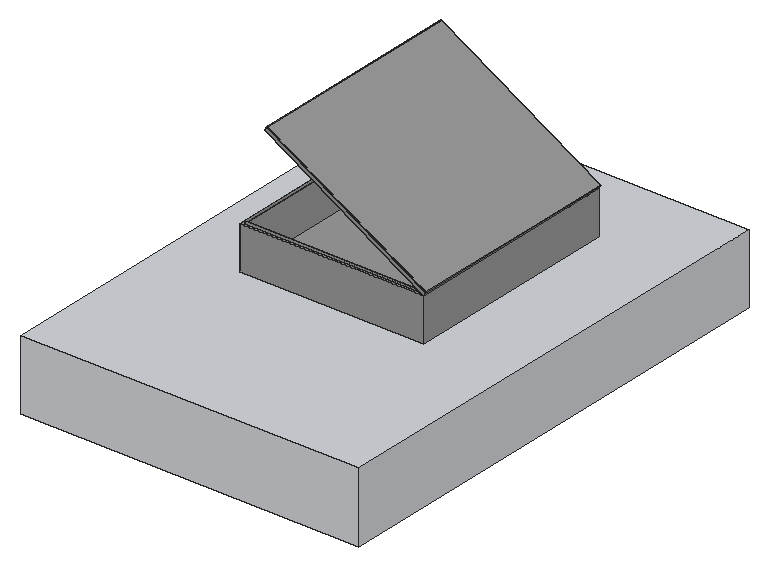
Revit family "Hager-Univers-IP54-D205-H950-Cl.II-Encl-PL-pl", category Equipement électrique, Revit 2020
Family settings
  Hôte = Face
  Configuration du panneau = Deux colonnes, circuits au sein
  Cote de connecteur circulaire = Utiliser le diamètre
  Type d'élément = Tableau de raccordement
  Couper avec des vides une fois chargée = Non
  Partagée = Non
  Point de calcul de pièce = Non
Parameters (values of type "Montaż natynkowy IP54 S800 W950 G205  - FP63SW2")
  Width Control [instance] = if([EF000008 - Szerokość] > Min Width, [EF000008 - Szerokość], Min Width)  # 800 mm
  Commentaires du type = [HG000003 - Zakres]  # "Univers"
  Thickness Door [instance] = if([EF009171 - Drzwi/pokrywa z materiału o wysokiej wytrzymałości mechanicznej] > 3 mm, 3 mm, [EF009171 - Drzwi/pokrywa z materiału o wysokiej wytrzymałości mechanicznej])  # 1 mm
  Seal Frame Offset [instance] = 17 mm  # constant formula
  Plinth Visibility [instance] = [HG000027 - Wysokość cokołu] > 0 mm  # no
  Model = ""
  Min Width [instance] = 100 mm  # constant formula
  Min Height [instance] = 100 mm  # constant formula
  Min Depth [instance] = (2 * [EF009170 - Obudowa z materiału o wysokiej wytrzymałości mechanicznej]) + 1 mm  # 3 mm
  Internal Frame Depth [instance] = (Door System Depth * 0.5)  # 9 mm
  Height Control [instance] = if([EF000040 - Wysokość] > Min Height, [EF000040 - Wysokość], Min Height)  # 950 mm
  HG000027 - Wysokość cokołu = 0 mm
  HG000026 - Stojąca = no
  HG000024 - Wysokość części dolnej = 800 mm
  HG000023 - Obudowa dwusekcyjna = no
  HG000016 - Widoczność drzwi w widoku 3D [instance] = yes
  HG000015 - Przestrzeń robocza - otwarcie drzwi [instance] = no
  HG000014 - Drzwi prawe [instance] = yes
  HG000013 - Drzwi lewe [instance] = not([HG000014 - Drzwi prawe])  # no
  HG000012 - Kąt otwarcia drzwi [instance] = 30.00°
  HG000010 - Drzwi asymetryczne = no
  HG000009 - Drzwi dwuskrzydłowe = no
  HG000006 - Montaż podtynkowy = no
  HG000004 - Referencja producenta = "FP63SW2"
  HG000003 - Zakres = "Univers"
  HG000002 - Z drzwiami lub pokrywą = yes
  Frame Offset Bottom [instance] = 10 mm  # constant formula
  Frame Offset [instance] = 15 mm  # constant formula
  EF015940 - Pokrywa z wyzwalaczem nadciśnieniowym = no
  EF011959 - Stopień ochrony (NEMA) = ""
  EF009554 - Liczba otworów pod flansze = 6
  Fabricant = "Hager"  # constant formula
  EF009212 - Wykonanie pokrywy = "EV000116 - Zamknięty"
  EF009171 - Drzwi/pokrywa z materiału o wysokiej wytrzymałości mechanicznej = 1 mm
  EF009170 - Obudowa z materiału o wysokiej wytrzymałości mechanicznej = 1 mm
  EF008873 - Prąd znamionowy (In) = 250 A
  EF007800 - Do ochrony odgromowej = no
  EF006306 - Z zamkiem = no
  EF006244 - Transparentna pokrywa/drzwi = no
  EF005474 - Stopień ochrony (IP) = "EV006419 - IP54"
  EF004464 - Rodzaj drzwi = "EV002646 - Pojedynczy"
  EF004427 - Liczba modułów = 216
  EF004293 - Odporność udarowa = "EV006815 - IK09"
  EF003532 - Do zastosowań zewnętrznych = no
  EF002950 - Szerokość wyrażona liczbą modułów = 36
  EF001613 - Podtrzymanie funkcji = "EV000494 - Brak"
  EF001596 - Materiał obudowy = "EV000179 - Stal"
  EF001131 - Głębokość wewnętrzna = 130 mm
  EF001088 - Możliwość rozbudowy = yes
  EF000437 - Liczba wejść kablowych = 6
  EF000339 - Rodzaj pokrywy = "EV004216 - Drzwi"
  EF000266 - Liczba rzędów = 6
  EF000218 - Głębokość wbudowania = 205 mm
  EF000118 - Z płytą montażową = no
  EF000116 - Numer RAL = "9010"
  EF000049 - Głębokość = 205 mm
  EF000040 - Wysokość = 950 mm
  EF000008 - Szerokość = 800 mm
  EF000007 - Kolor = "EV000202 - Biały"
  EF000003 - Sposób montażu = "EV000384 - Montaż natynkowy"
  Door System Leaf Tolerance [instance] = 1.5 mm  # constant formula
  Door System Depth [instance] = 18 mm  # constant formula
  Door Height [instance] = Height Control - [HG000027 - Wysokość cokołu]  # 950 mm
  Depth Control [instance] = if([EF000049 - Głębokość] > Min Depth, [EF000049 - Głębokość], Min Depth)  # 205 mm
  Default Elevation = 0 mm
  Connector Offset [instance] = Height Control / 2  # 475 mm
  Bottom Top Plate Trim [instance] = 1.5 mm  # constant formula
  Plinth height Ctrl [instance] = if([HG000027 - Wysokość cokołu] > 0 mm, [HG000027 - Wysokość cokołu], 12 mm)  # 12 mm
Types (5, lengths in mm): name | Width Control | HG000010 - Drzwi asymetryczne | HG000009 - Drzwi dwuskrzydłowe | HG000004 - Referencja producenta | EF009554 - Liczba otworów pod flansze | EF004464 - Rodzaj drzwi | EF004427 - Liczba modułów | EF002950 - Szerokość wyrażona liczbą modułów | EF000437 - Liczba wejść kablowych | EF000008 - Szerokość
  Montaż natynkowy IP54 S1050 W950 G205  - FP64SW2 | 1050 | no | yes | "FP64SW2" | 8 | "EV003602 - Podwójny" | 288 | 48 | 8 | 1050
  Montaż natynkowy IP54 S1300 W950 G205  - FP65SW2 | 1300 | yes | yes | "FP65SW2" | 10 | "EV003602 - Podwójny" | 360 | 60 | 10 | 1300
  Montaż natynkowy IP54 S300 W950 G205  - FP61SW2 | 300 | no | no | "FP61SW2" | 2 | "EV002646 - Pojedynczy" | 72 | 12 | 2 | 300
  Montaż natynkowy IP54 S550 W950 G205  - FP62SW2 | 550 | no | no | "FP62SW2" | 4 | "EV002646 - Pojedynczy" | 144 | 24 | 4 | 550
  Montaż natynkowy IP54 S800 W950 G205  - FP63SW2 | 800 | no | no | "FP63SW2" | 6 | "EV002646 - Pojedynczy" | 216 | 36 | 6 | 800
Reference planes
  plane 1 "Center (Front/Back)": y = 0
  plane 2: z = 0
  plane 3 "Center (Left/Right)": x = 0
  plane 4: z = 205
  plane 5: y = 1
  plane 6: y = 475
  plane 7: y = 0
  plane 8: y = 950
  plane 9: z = 0
  plane 10: x = -385
  plane 11: x = 385
  plane 12: x = 384
  plane 13: x = -384
  plane 14: y = 949
  plane 15: x = -383
  plane 16: x = -400
  plane 17: x = 383
  plane 18: x = 400
  plane 19: x = 399
  plane 20: x = -399
  plane 21: y = 11
  plane 22: y = 950
  plane 23: y = 934
  plane 24: z = 187
  plane 25: z = 1
  plane 26: z = 186
  plane 27: z = 204
Forms (mm)
  Extrusion 1, solid
    sketch origin (0, 0, 0) x (1, 0, 0) y (0, 1, 0)
      loop
        line (-702.964, 1305) -> (-702.964, -811.445) -> (766.763, -811.445) -> (766.763, 1305) -> (-702.964, 1305)
    from 0 to -304.8
  Extrusion 2, solid, material "Hager_Steel_RAL7035_Light_Grey", visible <- "Plinth Visibility", detail levels medium+fine
    sketch origin (0, 0, 0) x (1, 0, 0) y (0, 1, 0)
      loop
        line (-400, 0) -> (400, 0) -> (400, 12) -> (-400, 12) -> (-400, 0)
    from 0 to 187
  Extrusion 3, solid, material "Hager_Steel_RAL7035_Light_Grey", detail levels medium+fine
    sketch origin (0, 0, 0) x (1, 0, 0) y (0, 1, 0)
      loop
        line (-400, 0) -> (400, 0) -> (400, 950) -> (-400, 950) -> (-400, 0)
    from 0 to 187
  Extrusion 4, void
    sketch origin (0, 0, 0) x (1, 0, 0) y (0, 1, 0)
      loop
        line (-399, 1) -> (399, 1) -> (399, 949) -> (-399, 949) -> (-399, 1)
    from 1 to 186
  Extrusion 5, void
    sketch origin (-381.607, -4572, 187) x (0, -1, 0) y (-1, 0, 0)
      loop
        line (-4583, 2.393) -> (-5506, 2.393) -> (-5506, -765.607) -> (-4583, -765.607) -> (-4583, 2.393)
    from 0 to 1 <- "EF009170 - Obudowa z materiału o wysokiej wytrzymałości mechanicznej"
  Extrusion 6, solid, material "Hager_Steel_RAL7035_Light_Grey", detail levels fine
    sketch origin (0, 0, 187) x (1, 0, 0) y (0, 1, 0)
      loop
        line (-384, 934) -> (-384, 11) -> (384, 11) -> (384, 934) -> (-384, 934)
      loop
        line (-385, 10) -> (385, 10) -> (385, 935) -> (-385, 935) -> (-385, 10)
    from 0 to 9 <- "Internal Frame Depth"
  Extrusion 7, solid, material "Hager_Steel_RAL7035_Light_Grey", detail levels coarse
    sketch origin (0, 0, 0) x (1, 0, 0) y (0, 1, 0)
      loop
        line (-400, 0) -> (400, 0) -> (400, 950) -> (-400, 950) -> (-400, 0)
    from 0 to 205
  Sweep 8, void
    path in 3D
      loop
        line (-400, 12, 0) -> (400, 12, 0) -> (400, 12, 187) -> (-400, 12, 187) -> (-400, 12, 0)
    profile origin (-400, 12, 93.5) x (-1, 0, 0) y (0, -1, 0)
      loop
        line (0, 0) -> (0, 1.5) -> (-1.5, 1.5)
        arc (-1.5, 1.5) -> (-1.061, 0.439) -> (0, 0) r 1.5
Cuts and joins
  Extrusion 4, Extrusion 5 cuts Extrusion 3
  Sweep 8 cuts Extrusion 2
Lines and regions (mm)
  Masking region 1
    outline origin (0, 0, 0) x (1, 0, 0) y (0, 0, 1)
      loop
        line (-400, 205) -> (-400, 0) -> (400, 0) -> (400, 205) -> (-400, 205)
  Masking region 2, detail levels medium+fine
    outline origin (0, 140, 0) x (0, 1, 0) y (0, 0, 1)
      loop
        line (-140, 0) -> (810, 0) -> (810, 187) -> (-140, 187) -> (-140, 0)
  Masking region 3, not visible, detail levels medium+fine
    outline origin (0, 297.922, 0) x (0, 1, 0) y (0, 0, 1)
      loop
        line (188.578, 0) -> (228.578, 0) -> (228.578, 194)
        arc (228.578, 194) -> (225.649, 201.071) -> (218.578, 204) r 10
        line (218.578, 204) -> (188.578, 204) -> (188.578, 0)
  Masking region 4, detail levels coarse
    outline origin (0, 0, 180) x (0, 1, 0) y (0, 0, 1)
      loop
        line (0, -180) -> (950, -180) -> (950, 25) -> (0, 25) -> (0, -180)
  Masking region 5, visible <- "Plinth Visibility", detail levels medium+fine
    outline origin (0, 52.24, 12.345) x (0, 0, -1) y (0, 1, 0)
      loop
        line (10.845, -40.24) -> (-173.155, -40.24)
        arc (-173.155, -40.24) -> (-173.594, -41.301) -> (-174.655, -41.74) r 1.5
        line (-174.655, -41.74) -> (-174.655, -52.24) -> (12.345, -52.24) -> (12.345, -41.74)
        arc (12.345, -41.74) -> (11.285, -41.301) -> (10.845, -40.24) r 1.5
  Masking region 6, detail levels medium+fine
    outline origin (-381.607, -4572, 187) x (-1, 0, 0) y (0, -1, 0)
      loop
        line (18.393, -5522) -> (18.393, -4572) -> (-781.607, -4572) -> (-781.607, -5522) -> (18.393, -5522)
  Masking region 7, visible <- "Plinth Visibility", detail levels medium+fine
    outline origin (-381.607, -4727, 187) x (-1, 0, 0) y (0, -1, 0)
      loop
        arc (16.893, -4739) -> (17.332, -4737.939) -> (18.393, -4737.5) r 1.5
        line (18.393, -4737.5) -> (18.393, -4727) -> (-781.607, -4727) -> (-781.607, -4737.5)
        arc (-781.607, -4737.5) -> (-780.546, -4737.939) -> (-780.107, -4739) r 1.5
        line (-780.107, -4739) -> (16.893, -4739)
  Masking region 8, detail levels coarse
    outline origin (-442.548, -4669.526, 187) x (-1, 0, 0) y (0, -1, 0)
      loop
        line (-42.548, -5619.526) -> (-42.548, -4669.526) -> (-842.548, -4669.526) -> (-842.548, -5619.526) -> (-42.548, -5619.526)
  sketch lines
    curve 1: line (-400, 12, 187) -> (-400, 12, 0)
    curve 2: line (400, 12, 187) -> (-400, 12, 187)
    curve 3: line (400, 12, 187) -> (400, 12, 0)
    curve 4: line (-400, 12, 0) -> (400, 12, 0)
Dimensions and locks
  "Depth Control": plane 4 to Extrusion 1
  "HG000027 - Wysokość cokołu": plane 1 "Center (Front/Back)" to plane 7
  "EF009170 - Obudowa z materiału o wysokiej wytrzymałości mechanicznej": plane 5 to plane 7
  locked: connector elem to plane 3 "Center (Left/Right)"
  equal spacing: plane 8, plane 6, plane 7
  locked: connector elem to plane 6
  "EF009170 - Obudowa z materiału o wysokiej wytrzymałości mechanicznej": plane 8 to plane 14
  "EF009170 - Obudowa z materiału o wysokiej wytrzymałości mechanicznej": plane 10 to plane 13
  "EF009170 - Obudowa z materiału o wysokiej wytrzymałości mechanicznej": plane 12 to plane 11
  "Frame Offset": plane 20 to plane 13
  "Frame Offset": plane 12 to plane 19
  "EF009170 - Obudowa z materiału o wysokiej wytrzymałości mechanicznej": plane 16 to plane 20
  "EF009170 - Obudowa z materiału o wysokiej wytrzymałości mechanicznej": plane 19 to plane 18
  "Seal Frame Offset": plane 16 to plane 15
  "Seal Frame Offset": plane 17 to plane 18
  "Frame Offset Bottom": plane 21 to plane 5
  "Frame Offset": plane 14 to plane 23
  equal spacing: plane 16, plane 3 "Center (Left/Right)", plane 18
  "Width Control": plane 16 to plane 18
  "EF009170 - Obudowa z materiału o wysokiej wytrzymałości mechanicznej": plane 4 to plane 27
  "EF009170 - Obudowa z materiału o wysokiej wytrzymałości mechanicznej": plane 24 to plane 26
  "EF009170 - Obudowa z materiału o wysokiej wytrzymałości mechanicznej": plane 25 to level
  "Door System Depth": plane 4 to plane 24
  "Height Control": plane 1 "Center (Front/Back)" to Extrusion 7 sketch curve
  "Height Control": Masking region 4 sketch curve to plane 1 "Center (Front/Back)"
  "Height Control": plane 1 "Center (Front/Back)" to plane 22
  "Bottom Top Plate Trim": profile plane to Sweep 8 sketch curve
  "Bottom Top Plate Trim": Sweep 8 sketch curve to profile plane
  "Plinth height Ctrl": plane 1 "Center (Front/Back)" to Extrusion 2 sketch curve
  "Plinth height Ctrl": Masking region 5 sketch curve to plane 1 "Center (Front/Back)"
  "Plinth height Ctrl": plane 1 "Center (Front/Back)" to Masking region 7 sketch curve
  "Thickness Door": Extrusion 6 sketch curve to Extrusion 6 sketch curve  (x3)
  "Thickness Door": cut or joined group of Extrusion 3, Extrusion 4, Extrusion 5 to Extrusion 6 sketch curve
  radius of Masking region 3 sketch curve = 10 mm
  "Bottom Top Plate Trim": radius of Masking region 5 sketch curve  (x2)
  "Bottom Top Plate Trim": radius of Sweep 8 sketch curve
  "Bottom Top Plate Trim": radius of Masking region 7 sketch curve  (x2)
  aligned and locked: plane 2 to Extrusion 1
  aligned and locked: level to Extrusion 1
  aligned and locked: level to Masking region 1 sketch curve
  aligned and locked: Masking region 1 sketch curve to plane 18
  aligned and locked: Masking region 1 sketch curve to plane 16
  aligned and locked: plane 7 to Masking region 2 sketch curve
  aligned and locked: level to Masking region 3 sketch curve
  aligned and locked: Masking region 3 sketch curve to plane 27
  aligned and locked: level to Masking region 2 sketch curve
  aligned and locked: plane 1 "Center (Front/Back)" to Extrusion 2 sketch curve
  aligned and locked: Extrusion 3 sketch curve to plane 7
  aligned and locked: plane 16 to Extrusion 3 sketch curve
  aligned and locked: plane 18 to Extrusion 3 sketch curve
  aligned and locked: plane 20 to Extrusion 4 sketch curve
  aligned and locked: plane 19 to Extrusion 4 sketch curve
  aligned and locked: Extrusion 4 sketch curve to plane 5
  aligned and locked: Extrusion 4 to plane 25
  aligned and locked: plane 26 to Extrusion 4
  aligned and locked: plane 24 to Extrusion 3
  aligned and locked: Extrusion 5 sketch curve to plane 21
  aligned and locked: Extrusion 5 sketch curve to plane 13
  aligned and locked: Extrusion 5 sketch curve to plane 12
  aligned and locked: plane 18 to Extrusion 7 sketch curve
  aligned and locked: plane 1 "Center (Front/Back)" to Extrusion 7 sketch curve
  aligned and locked: plane 16 to Extrusion 7 sketch curve
  aligned and locked: plane 4 to Extrusion 7
  aligned and locked: Extrusion 7 to level
  aligned and locked: level to Masking region 4 sketch curve
  aligned and locked: Masking region 4 sketch curve to plane 1 "Center (Front/Back)"
  aligned and locked: Masking region 4 sketch curve to plane 4
  aligned and locked: nested 1 to level
  aligned and locked: nested 1 to plane 16
  aligned and locked: plane 8 to Extrusion 3 sketch curve
  aligned and locked: plane 23 to Extrusion 5 sketch curve
  aligned and locked: plane 14 to Extrusion 4 sketch curve
  aligned and locked: Masking region 2 sketch curve to plane 8
  aligned and locked: level to Masking region 5 sketch curve
  aligned and locked: plane 16 to Extrusion 2 sketch curve
  aligned and locked: plane 18 to Extrusion 2 sketch curve
  aligned and locked: Masking region 5 sketch curve to plane 24
  aligned and locked: Masking region 2 sketch curve to plane 24
  aligned and locked: plane 24 to Extrusion 2
  aligned and locked: profile plane to Sweep 8 sketch curve  (x2)
  aligned and locked: Masking region 6 sketch curve to plane 18
  aligned and locked: Masking region 6 sketch curve to plane 22
  aligned and locked: Masking region 6 sketch curve to plane 16
  aligned and locked: plane 8 to plane 22
  aligned and locked: Masking region 6 sketch curve to plane 7
  aligned and locked: Masking region 7 sketch curve to plane 16
  aligned and locked: Masking region 7 sketch curve to plane 1 "Center (Front/Back)"
  aligned and locked: Masking region 7 sketch curve to plane 18
  aligned and locked: Masking region 8 sketch curve to plane 1 "Center (Front/Back)"
  aligned and locked: Masking region 8 sketch curve to plane 18
  aligned and locked: Masking region 8 sketch curve to plane 22
  aligned and locked: Masking region 8 sketch curve to plane 16
  aligned and locked: nested 2 to plane 7
  aligned and locked: plane 3 "Center (Left/Right)" to nested 2
  aligned and locked: nested 2 to plane 24
  aligned and locked: Extrusion 6 sketch curve to cut or joined group of Extrusion 3, Extrusion 4, Extrusion 5  (x4)
Automatic sketch dimensions
  Extrusion 1 sketch curve to Extrusion 1 sketch curve = 1469.727 mm
  Extrusion 1 sketch curve to Extrusion 1 sketch curve = 2116.445 mm
  Masking region 1 sketch curve to plane 4 = 0 mm
  plane 6 to Masking region 3 sketch curve = 11.5 mm
  Masking region 3 sketch curve to Masking region 3 sketch curve = 30 mm
  Masking region 5 sketch curve to plane 1 "Center (Front/Back)" = 0 mm
Nested families
  nested 1: "Hager_Enclosure_Symbol" at (-400, 0, 0) x (1, 0, 0) z (0, -1, 0), Height <- "Depth Control", Width <- "Width Control", type "Hager_Enclosure_Symbol"
    with Width_Ctrl 800 mm, Width 800 mm, Height_Ctrl 205 mm, Height 205 mm, A_Width_Int 13.453 mm, A_Width 161.438 mm, A_Height_Ctrl 179.375 mm, A_Height 179.375 mm
  nested 2: "EC000058_Univers_Door" at (0, 0, 187) x (1, 0, 0) z (0, 1, 0), Leaf_Tolerance <- "Door System Leaf Tolerance", Angle <- "HG000012 - Kąt otwarcia drzwi", Door_Depth <- "Door System Depth", Door_Left <- "HG000013 - Drzwi lewe", Transparent <- "EF006244 - Transparentna pokrywa/drzwi", Assymetrical <- "HG000010 - Drzwi asymetryczne", Width <- "Width Control", Clearance <- "HG000015 - Przestrzeń robocza - otwarcie drzwi", Double <- "HG000009 - Drzwi dwuskrzydłowe", 3d_Door <- "HG000016 - Widoczność drzwi w widoku 3D", Lock_Visibility <- "EF006306 - Z zamkiem", Width_Ctrl <- "Width Control", Door_Right <- "HG000014 - Drzwi prawe", Door <- "HG000002 - Z drzwiami lub pokrywą", Height <- "Door Height", Thickness <- "Thickness Door", type "EC000058_Univers_Door", detail levels medium+fine
    with min_wh 3 mm, Width_Ctrl 800 mm, Width 800 mm, Transparent no, Thickness 1 mm, Seal_Material Hager_Rubber, Lock_Visibility no, Lock_Material Hager_Plastic_RAL9005_Jet_Black, Leaf_Width 800 mm, Leaf_Tolerance_External_Sides 0 mm, Leaf_Tolerance 1.5 mm, Leaf_Offset 0 mm, Leaf_Height 947 mm, Leaf_2_Width 800 mm, Leaf_2_Offset 400 mm, Leaf_1_Width 800 mm, Leaf_1_Offset 400 mm, Height_Ctrl 950 mm, Height 950 mm, Glass_Material Hager_Glass, Double_Clearance_Ctrl no, Double no, Door_Right_Ctrl yes, Door_Right yes, Door_Material Hager_Steel_RAL7035_Light_Grey, Door_Left_Ctrl no, Door_Left no, Door_Depth 18 mm, Door yes, Clearance_Material Hager_Clearance, Clearance_Depth 800 mm, Clearance_Ctrl no, Clearance no, Assymetrical no, Angle 30.00°, 3d_Door yes
Connectors
  electrical at (0, 475, 0)
    settings: on plane 9, index 1, voltage 0 V, apparent load 0 VA, apparent load phase1 0 VA, apparent load phase2 0 VA, apparent load phase3 0 VA, power factor 1, load classification "Other", number of poles 1, system type 30, power factor state 1, is connector primary yes, connector utility no, sub classification motor no, connector description ""
Definition of nested family "EC000058_Univers_Door"
  Parameters (values of type "EC000058_Univers_Door")
    min_wh [instance] = (2 * Thickness) + 1 mm  # 11 mm
    Width_Ctrl [instance] = 400 mm
    Width [instance] = 500 mm
    Transparent [instance] = yes
    Thickness [instance] = 5 mm
    Seal_Material [instance] = none
    Lock_Visibility [instance] = yes
    Lock_Material [instance] = none
    Leaf_Width [instance] = if((Width_Ctrl - 2 * Leaf_Tolerance_External_Sides) > 0 mm, (Width_Ctrl - 2 * Leaf_Tolerance_External_Sides), min_wh)  # 400 mm
    Leaf_Tolerance_External_Sides [instance] = 0 mm  # constant formula
    Leaf_Tolerance [instance] = 1.5 mm
    Leaf_Offset [instance] = 0 mm  # constant formula
    Leaf_Height [instance] = if((Height_Ctrl - 2 * Leaf_Tolerance) > 0 mm, (Height_Ctrl - 2 * Leaf_Tolerance), min_wh)  # 497 mm
    Leaf_2_Width [instance] = if(and(and(Double, Assymetrical), Door_Left), (Leaf_Width / 3) - (Leaf_Tolerance / 2), if(and(and(Double, Assymetrical), Door_Right), (Leaf_Width / 3) * 2 - (Leaf_Tolerance / 2), if(and(Double, not(Assymetrical)), (Leaf_Width / 2) - Leaf_Tolerance, Leaf_Width)))  # 400 mm
    Leaf_2_Offset [instance] = if(and(Double, Assymetrical), Leaf_2_Width / 2, if(and(Double, not(Assymetrical)), Leaf_Width / 4, Leaf_Width / 2))  # 200 mm
    Leaf_1_Width [instance] = if(and(and(Double, Assymetrical), Door_Right), (Leaf_Width / 3) - (Leaf_Tolerance / 2), if(and(and(Double, Assymetrical), Door_Left), (Width / 3) * 2 - (Leaf_Tolerance / 2), if(and(Double, not(Assymetrical)), (Leaf_Width / 2) - Leaf_Tolerance, Leaf_Width)))  # 400 mm
    Leaf_1_Offset [instance] = if(and(Double, Assymetrical), Leaf_1_Width / 2, if(and(Double, not(Assymetrical)), Leaf_Width / 4, Leaf_Width / 2))  # 200 mm
    Height_Ctrl [instance] = if(Height > min_wh, Height, min_wh)  # 500 mm
    Height [instance] = 500 mm
    Glass_Material [instance] = none
    Double_Clearance_Ctrl [instance] = and(Double, Clearance)  # no
    Double [instance] = no
    Door_Right_Ctrl [instance] = and(or(Door_Right, Double), Door)  # yes
    Door_Right [instance] = yes
    Door_Material [instance] = none
    Door_Left_Ctrl [instance] = and(or(Door_Left, Double), Door)  # no
    Door_Left [instance] = no
    Door_Depth [instance] = 30 mm
    Door [instance] = yes
    Default Elevation = 1219.2 mm
    Clearance_Material [instance] = none
    Clearance_Depth [instance] = if(Leaf_1_Width > Leaf_2_Width, Leaf_1_Width, Leaf_2_Width)  # 400 mm
    Clearance_Ctrl [instance] = and(not(Double), Clearance)  # yes
    Clearance [instance] = yes
    Assymetrical [instance] = yes
    Angle [instance] = 30.00°
    3d_Door [instance] = yes
  Reference planes
    plane 1 "Center (Front/Back)": y = 0
    plane 2 "Bottom": z = 0
    plane 3 "Center (Left/Right)": x = 0
    plane 4: z = 500
    plane 5: x = -200
    plane 6: x = 200
    plane 7: z = 500
    plane 8: x = -200
    plane 9: z = 0
    plane 10: x = 200
    plane 11: y = 0
    plane 12: z = 1.5
    plane 13: x = -600
    plane 14: y = -400
    plane 15: x = 600
    plane 16: x = 0
    plane 17: x = 0
    plane 18: x = -200
    plane 19: x = 200
    plane 20: z = 498.5
  Forms (mm)
    Extrusion 1, solid, material <- "Clearance_Material", visible <- "Double_Clearance_Ctrl"
      sketch origin (1200, 0, 0) x (1, 0, 0) y (0, 0, -1)
        loop
          line (-1800, -498.5) -> (-600, -498.5) -> (-600, 0) -> (-1800, 0) -> (-1800, -498.5)
      from 0 to -400
  Dimensions and locks
    equal spacing: plane 5, plane 3 "Center (Left/Right)", plane 6
    "Width_Ctrl": plane 5 to plane 6
    "Leaf_Offset": plane 5 to plane 8
    "Leaf_Offset": plane 6 to plane 10
    "Leaf_Offset": plane 9 to level
    "Leaf_Offset": plane 4 to plane 7
    "Height_Ctrl": plane 4 to level
    "Leaf_Tolerance": plane 12 to plane 9
    locked: plane 11 to plane 1 "Center (Front/Back)"
    "Leaf_1_Offset": plane 18 to plane 16
    "Leaf_2_Offset": plane 17 to plane 19
    "Leaf_1_Width": plane 13 to plane 8
    "Leaf_2_Width": plane 10 to plane 15
    "Clearance_Depth": plane 14 to plane 1 "Center (Front/Back)"
    "Leaf_Tolerance_External_Sides": plane 8 to plane 18
    "Leaf_Tolerance_External_Sides": plane 19 to plane 10
    "Leaf_Tolerance": plane 7 to plane 20
    aligned and locked: level to plane 2 "Bottom"
    aligned and locked: nested 1 to plane 16
    aligned and locked: nested 2 to plane 17
    aligned and locked: Extrusion 1 to plane 13
    aligned and locked: plane 15 to Extrusion 1
    aligned and locked: Extrusion 1 to plane 14
    aligned and locked: plane 12 to nested 1
    aligned and locked: nested 2 to plane 12
    aligned and locked: Extrusion 1 to plane 11
    aligned and locked: plane 20 to Extrusion 1
    aligned and locked: nested 2 to plane 11
    aligned and locked: nested 1 to plane 11
  Automatic sketch dimensions
    Extrusion 1 sketch curve to level = 0 mm
    plane 5 to Extrusion 1 sketch curve = 400 mm
    plane 6 to Extrusion 1 sketch curve = 400 mm
    Extrusion 1 sketch curve to plane 4 = 1.5 mm
  Nested families
    nested 1: "EC000058_Univers_Door_Leaf" at (0, 0, 1.5), Width <- "Leaf_1_Width", visible <- "Door_Left_Ctrl", Leaf_Height <- "Leaf_Height", Angle <- "Angle", 3d_Door <- "3d_Door", Transparent <- "Transparent", Clearance Material <- "Clearance_Material", Clearance <- "Clearance_Ctrl", Door_Material <- "Door_Material", Glass_Material <- "Glass_Material", Door_Depth <- "Door_Depth", Lock_Material <- "Lock_Material", Seal_Material <- "Seal_Material", Lock_Visibility <- "Lock_Visibility", Thickness <- "Thickness", type "EC000058_Univers_Door_Leaf"
      with Width 400 mm, Transparent_Glass_Offset 30 mm, Transparent_Ctrl yes, Transparent yes, Thickness 5 mm, Standard no, Seal_Material none, Seal_D2 8 mm, Seal_D1 1 mm, Offset_Internal_Frame 10 mm, Lock_Width 20 mm, Lock_Visibility_3d yes, Lock_Visibility yes, Lock_Thickness_3 3 mm, Lock_Thickness_2 1 mm, Lock_Thickness_1 3 mm, Lock_Radius_Offset_2 16 mm, Lock_Radius_Offset_1 15 mm, Lock_Radius_2 5 mm, Lock_Radius 6 mm, Lock_Offset 5 mm, Lock_Material none, Lock_Height 80 mm, Lock_Cover_Top_Offset_2d 17 mm, Lock_Cover_Height -65 mm, Leaf_Height 497 mm, Internal_Seal_Thickness 8 mm, Internal_Seal_Depth_2 4.5 mm, Internal_Frame_Depth 25 mm, Glass_Thickness -1 mm, Glass_Offset -2 mm, Glass_Material none, Door_Material none, Door_Depth 30 mm, Clearance Material none, Clearance yes, Angle_Ctrl 30.00°, Angle 30.00°, 3d_Door yes
    nested 2: "EC000058_Univers_Door_Leaf" at (0, 0, 1.5) x (-1, 0, 0) z (0, 0, 1), Width <- "Leaf_2_Width", visible <- "Door_Right_Ctrl", Leaf_Height <- "Leaf_Height", Angle <- "Angle", 3d_Door <- "3d_Door", Transparent <- "Transparent", Clearance Material <- "Clearance_Material", Clearance <- "Clearance_Ctrl", Door_Material <- "Door_Material", Glass_Material <- "Glass_Material", Door_Depth <- "Door_Depth", Lock_Material <- "Lock_Material", Seal_Material <- "Seal_Material", Lock_Visibility <- "Lock_Visibility", Thickness <- "Thickness", type "EC000058_Univers_Door_Leaf"
      with Width 400 mm, Transparent_Glass_Offset 30 mm, Transparent_Ctrl yes, Transparent yes, Thickness 5 mm, Standard no, Seal_Material none, Seal_D2 8 mm, Seal_D1 1 mm, Offset_Internal_Frame 10 mm, Lock_Width 20 mm, Lock_Visibility_3d yes, Lock_Visibility yes, Lock_Thickness_3 3 mm, Lock_Thickness_2 1 mm, Lock_Thickness_1 3 mm, Lock_Radius_Offset_2 16 mm, Lock_Radius_Offset_1 15 mm, Lock_Radius_2 5 mm, Lock_Radius 6 mm, Lock_Offset 5 mm, Lock_Material none, Lock_Height 80 mm, Lock_Cover_Top_Offset_2d 17 mm, Lock_Cover_Height -65 mm, Leaf_Height 497 mm, Internal_Seal_Thickness 8 mm, Internal_Seal_Depth_2 4.5 mm, Internal_Frame_Depth 25 mm, Glass_Thickness -1 mm, Glass_Offset -2 mm, Glass_Material none, Door_Material none, Door_Depth 30 mm, Clearance Material none, Clearance yes, Angle_Ctrl 30.00°, Angle 30.00°, 3d_Door yes
  Definition of nested family "EC000058_Univers_Door_Leaf"
    Parameters (values of type "EC000058_Univers_Door_Leaf")
      Width [instance] = 2000 mm
      Transparent_Glass_Offset [instance] = 30 mm
      Transparent_Ctrl [instance] = and(Transparent, [3d_Door])  # yes
      Transparent [instance] = yes
      Thickness [instance] = 5 mm
      Standard [instance] = and(not(Transparent), [3d_Door])  # no
      Seal_Material [instance] = none
      Seal_D2 [instance] = 8 mm  # constant formula
      Seal_D1 [instance] = 1 mm  # constant formula
      Offset_Internal_Frame [instance] = 10 mm  # constant formula
      Lock_Width [instance] = 20 mm  # constant formula
      Lock_Visibility_3d [instance] = and(Lock_Visibility, [3d_Door])  # yes
      Lock_Visibility [instance] = yes
      Lock_Thickness_3 [instance] = 3 mm  # constant formula
      Lock_Thickness_2 [instance] = 1 mm  # constant formula
      Lock_Thickness_1 [instance] = 3 mm  # constant formula
      Lock_Radius_Offset_2 [instance] = Lock_Radius_Offset_1 + 1 mm  # 16 mm
      Lock_Radius_Offset_1 [instance] = 15 mm  # constant formula
      Lock_Radius_2 [instance] = Lock_Radius - 1 mm  # 5 mm
      Lock_Radius [instance] = 6 mm  # constant formula
      Lock_Offset [instance] = 5 mm  # constant formula
      Lock_Material [instance] = none
      Lock_Height [instance] = 80 mm  # constant formula
      Lock_Cover_Top_Offset_2d [instance] = Lock_Radius_Offset_2 + 1 mm  # 17 mm
      Lock_Cover_Height [instance] = -(Lock_Height - Lock_Radius_Offset_1)  # -65 mm
      Leaf_Height [instance] = 2720.336 mm
      Internal_Seal_Thickness [instance] = 8 mm  # constant formula
      Internal_Seal_Depth_2 [instance] = 4.5 mm  # constant formula
      Internal_Frame_Depth [instance] = if(Door_Depth - Thickness > 5 mm, Door_Depth - Thickness, 5 mm)  # 25 mm
      Glass_Thickness [instance] = if(Thickness > 15 mm, Glass_Offset + 10 mm, -1 mm)  # -1 mm
      Glass_Offset [instance] = if(Thickness > 15 mm, -(Thickness + 10 mm) / 2, -2 mm)  # -2 mm
      Glass_Material [instance] = none
      Door_Material [instance] = none
      Door_Depth [instance] = 30 mm
      Default Elevation = 0 mm
      Clearance Material [instance] = none
      Clearance [instance] = yes
      Angle_Ctrl [instance] = if(Angle > 180.00°, 180.00°, Angle)  # 90.00°
      Angle [instance] = 90.00°
      3d_Door [instance] = yes
    Reference planes
      plane 1 "Center (Front/Back)": y = 0
      plane 2: z = 0
      plane 3 "Center (Left/Right)": x = 0
      plane 4: y = 2000
      plane 5: x = -1000
      plane 6: x = 1000
      plane 7: x = -3000
      plane 8: z = 2720.336
      plane 9: z = 30
      plane 10: z = 2690.336
      plane 11: x = 970
      plane 12: x = -970
      plane 13: y = -3
      plane 14: z = 107.833
      plane 15: y = -5
      plane 16: y = -223.314
      plane 17: x = -1000
      plane 18: z = 1360.168
      plane 19: y = 30
    Forms (mm)
      Extrusion 1, solid, material <- "Clearance Material", visible <- "Clearance"
        sketch origin (0, 0, 0) x (1, 0, 0) y (0, 0, 1)
          loop
            line (-3000, 2720.336) -> (-3000, 0) -> (1000, 0) -> (1000, 2720.336) -> (-3000, 2720.336)
        from 0 to -2000
      Extrusion 2, solid, material <- "Door_Material", visible <- "Standard", detail levels medium+fine
        sketch origin (-1000, 0, 0) x (0, 1, 0) y (-1, 0, 0)
          loop
            line (0, 30) -> (0, 25) -> (2000, 25) -> (2000, 30) -> (0, 30)
        from 0 to 2720.336 <- "Leaf_Height"
      Extrusion 3, solid, material <- "Door_Material", visible <- "Transparent_Ctrl", detail levels medium+fine
        sketch origin (-1000, 0, 0) x (0, 1, 0) y (-1, 0, 0)
          loop
            line (0, 25) -> (2000, 25) -> (2000, 30) -> (0, 30) -> (0, 25)
        from 0 to 2720.336 <- "Leaf_Height"
      Extrusion 4, void
        sketch origin (-1025, 2000, 0) x (0, 1, 0) y (0, 0, -1)
          loop
            line (-30, -2690.336) -> (-30, -30) -> (-1970, -30) -> (-1970, -2690.336) -> (-30, -2690.336)
        from 0 to 5 <- "Thickness"
      Sweep 5, solid, material <- "Seal_Material", visible <- "Transparent_Ctrl", detail levels fine
        path in 3D
          loop
            line (-1025, 30, 30) -> (-1025, 30, 2690.336) -> (-1025, 1970, 2690.336) -> (-1025, 1970, 30) -> (-1025, 30, 30)
        profile origin (-1025, 1000, 30) x (1, 0, 0) y (0, 0, 1)
          loop
            line (0, 0) -> (0, -8) -> (1, -8) -> (1, 0) -> (0, 0)
      Extrusion 6, solid, material <- "Glass_Material", visible <- "Transparent_Ctrl", detail levels medium+fine
        sketch origin (-1030, 0, 0) x (0, 1, 0) y (0, 0, -1)
          loop
            line (1970, -2690.336) -> (1970, -30) -> (30, -30) -> (30, -2690.336) -> (1970, -2690.336)
        from -2 <- "Glass_Offset" to -1 <- "Glass_Thickness"
      Extrusion 7, solid, material <- "Door_Material", visible <- "3d_Door", detail levels medium+fine
        sketch origin (-1025, 2000, 0) x (0, -1, 0) y (0, 0, -1)
          loop
            line (0, -2720.336) -> (2000, -2720.336) -> (2000, 0) -> (0, 0) -> (0, -2720.336)
          loop
            line (1995, -5) -> (5, -5) -> (5, -2715.336) -> (1995, -2715.336) -> (1995, -5)
        from 0 to 25 <- "Internal_Frame_Depth"
      Sweep 8, solid, material <- "Seal_Material", visible <- "Transparent_Ctrl", detail levels fine
        path in 3D
          loop
            line (-1025, 0, 0) -> (-1025, 2000, 0) -> (-1025, 2000, 2720.336) -> (-1025, 0, 2720.336) -> (-1025, 0, 0)
        profile origin (-1025, 0, 1360.168) x (1, 0, 0) y (0, 1, 0)
          loop
            line (0, 10) -> (2.975, 10)
            arc (2.975, 10) -> (4.053, 10.447) -> (4.5, 11.525) r 1.525
            line (4.5, 11.525) -> (4.5, 16.527)
            arc (4.5, 16.527) -> (4.069, 17.569) -> (3.027, 18) r 1.473
            line (3.027, 18) -> (0, 18) -> (0, 10)
      Extrusion 9, solid, material <- "Lock_Material", visible <- "Lock_Visibility_3d", detail levels fine
        sketch origin (-1030, 0, 0) x (0, 1, 0) y (0, 0, -1)
          loop
            arc (1993.5, -1400.168) -> (1994.561, -1399.729) -> (1995, -1398.668) r 1.5
            line (1995, -1398.668) -> (1995, -1320.168) -> (1975, -1320.168) -> (1975, -1398.668)
            arc (1975, -1398.668) -> (1975.439, -1399.729) -> (1976.5, -1400.168) r 1.5
            line (1976.5, -1400.168) -> (1993.5, -1400.168)
        from 3 <- "Lock_Thickness_1" to 0
      Blend 10, solid, material <- "Lock_Material", visible <- "Lock_Visibility_3d", detail levels fine
        base sketch origin (-1033, 0, 0) x (0, 1, 0) y (0, 0, -1)
          loop
            line (1975, -1320.168) -> (1975, -1398.668)
            arc (1975, -1398.668) -> (1975.439, -1399.729) -> (1976.5, -1400.168) r 1.5
            line (1976.5, -1400.168) -> (1993.5, -1400.168)
            arc (1993.5, -1400.168) -> (1994.561, -1399.729) -> (1995, -1398.668) r 1.5
            line (1995, -1398.668) -> (1995, -1320.168) -> (1975, -1320.168)
        top sketch origin (-1033, 0, 0) x (0, 1, 0) y (0, 0, -1)
          loop
            line (1976, -1320.168) -> (1976, -1398.668)
            arc (1976, -1398.668) -> (1976.146, -1399.022) -> (1976.5, -1399.168) r 0.5
            line (1976.5, -1399.168) -> (1993.5, -1399.168)
            arc (1993.5, -1399.168) -> (1993.854, -1399.022) -> (1994, -1398.668) r 0.5
            line (1994, -1398.668) -> (1994, -1320.168) -> (1976, -1320.168)
        from 0 to 1 <- "Lock_Thickness_2"
      Blend 11, solid, material <- "Lock_Material", visible <- "Lock_Visibility_3d", detail levels fine
        base sketch origin (-1034, 0, 0) x (0, 1, 0) y (0, 0, -1)
          loop
            line (1978, -1320.168) -> (1978, -1384.168)
            arc (1978, -1384.168) -> (1985, -1391.168) -> (1992, -1384.168) r 7
            line (1992, -1384.168) -> (1992, -1320.168) -> (1978, -1320.168)
        top sketch origin (-1034, 0, 0) x (0, 1, 0) y (0, 0, -1)
          loop
            line (1991, -1320.168) -> (1979, -1320.168) -> (1979, -1383.168)
            arc (1979, -1383.168) -> (1985, -1389.168) -> (1991, -1383.168) r 6
            line (1991, -1383.168) -> (1991, -1320.168)
        from 0 to 3 <- "Lock_Thickness_3"
      Extrusion 12, solid, material <- "Lock_Material", visible <- "Lock_Visibility_3d", detail levels fine
        sketch origin (-1030, 1975, 1320.168) x (1, 0, 0) y (0, -1, 0)
          loop
            line (-7, -19) -> (-7, -1) -> (0, -1) -> (0, 0) -> (-8, 0) -> (-8, -20) -> (0, -20) -> (0, -19) -> (-7, -19)
        from 0 to -65 <- "Lock_Cover_Height"
      Extrusion 13, void
        sketch origin (-1038, 1995, 1320.168) x (-1, 0, 0) y (0, 0, -1)
          loop
            line (-5, -65) -> (0, -65) -> (-5, -60) -> (-5, -65)
        from 0 to 20 <- "Lock_Width"
      Extrusion 14, void
        sketch origin (-1038, 1975, 1320.168) x (0, -1, 0) y (0, 0, -1)
          loop
            circle (-10, -15.995) r 6
          loop
            circle (-10, -15.995) r 5
        from 0 to 2
      Extrusion 15, solid, material <- "Lock_Material", visible <- "Lock_Visibility_3d", detail levels medium
        sketch origin (-1030, 0, 0) x (0, 1, 0) y (0, 0, -1)
          loop
            arc (1993.5, -1400.168) -> (1994.561, -1399.729) -> (1995, -1398.668) r 1.5
            line (1995, -1398.668) -> (1995, -1320.168) -> (1975, -1320.168) -> (1975, -1398.668)
            arc (1975, -1398.668) -> (1975.439, -1399.729) -> (1976.5, -1400.168) r 1.5
            line (1976.5, -1400.168) -> (1993.5, -1400.168)
        from 8 to 0
    Cuts and joins
      Extrusion 4 cuts Extrusion 3
      Extrusion 13, Extrusion 14 cuts Extrusion 9
      Extrusion 14 cuts Blend 11
      Extrusion 13, Extrusion 14 cuts Extrusion 12
      joined: Extrusion 9, Blend 10, Blend 11, Extrusion 12
      Extrusion 14 cuts Extrusion 15
    Lines and regions (mm)
      Masking region 1, visible <- "Lock_Visibility", detail levels fine
        outline origin (0, 0, 0) x (0, 1, 0) y (0, 0, 1)
          loop
            line (30, 1320.168) -> (33, 1320.168) -> (33, 1400.168) -> (30, 1400.168) -> (30, 1320.168)
      Masking region 2, visible <- "Lock_Visibility", detail levels fine
        outline origin (0, 3.143, 0) x (0, 1, 0) y (0, 0, 1)
          loop
            line (29.857, 1354.168) -> (30.857, 1354.168) -> (30.857, 1366.168) -> (29.857, 1366.168) -> (29.857, 1354.168)
      Masking region 3, detail levels medium+fine
        outline origin (0, 0, 0) x (0, 1, 0) y (0, 0, 1)
          loop
            line (0, 0) -> (30, 0) -> (30, 2720.336) -> (0, 2720.336) -> (0, 0)
      Masking region 4, detail levels medium+fine
        outline origin (0, 0, 0) x (1, 0, 0) y (0, 0, 1)
          loop
            line (-1000, 2720.336) -> (-1000, 0) -> (1000, 0) -> (1000, 2720.336) -> (-1000, 2720.336)
      Masking region 5, visible <- "Lock_Visibility", detail levels fine
        outline origin (-47.116, 0, 0) x (1, 0, 0) y (0, 0, 1)
          loop
            arc (1024.616, 1399.168) -> (1023.556, 1398.729) -> (1023.116, 1397.668) r 1.5
            line (1023.116, 1397.668) -> (1023.116, 1320.168) -> (1041.116, 1320.168) -> (1041.116, 1397.668)
            arc (1041.116, 1397.668) -> (1040.677, 1398.729) -> (1039.616, 1399.168) r 1.5
            line (1039.616, 1399.168) -> (1024.616, 1399.168)
      Masking region 6, visible <- "Lock_Visibility", detail levels medium+fine
        outline origin (-25, 0, 0) x (1, 0, 0) y (0, 0, 1)
          loop
            arc (1001.5, 1400.168) -> (1000.439, 1399.729) -> (1000, 1398.668) r 1.5
            line (1000, 1398.668) -> (1000, 1320.168) -> (1020, 1320.168) -> (1020, 1398.668)
            arc (1020, 1398.668) -> (1019.561, 1399.729) -> (1018.5, 1400.168) r 1.5
            line (1018.5, 1400.168) -> (1001.5, 1400.168)
      Masking region 7, visible <- "Lock_Visibility", detail levels fine
        outline origin (-73.735, 0, 0) x (1, 0, 0) y (0, 0, 1)
          loop
            line (1051.735, 1382.168) -> (1065.735, 1382.168) -> (1065.735, 1384.168)
            arc (1065.735, 1384.168) -> (1058.735, 1391.168) -> (1051.735, 1384.168) r 7
            line (1051.735, 1384.168) -> (1051.735, 1382.168)
      Masking region 8, visible <- "Lock_Visibility", detail levels fine
        outline origin (-73.735, 0, 0) x (1, 0, 0) y (0, 0, 1)
          loop
            line (1052.735, 1382.168) -> (1064.735, 1382.168) -> (1064.735, 1383.168)
            arc (1064.735, 1383.168) -> (1058.735, 1389.168) -> (1052.735, 1383.168) r 6
            line (1052.735, 1383.168) -> (1052.735, 1382.168)
      Masking region 9, visible <- "Lock_Visibility", detail levels fine
        outline origin (-25, 0, 0) x (1, 0, 0) y (0, 0, 1)
          loop
            line (1020, 1320.168) -> (1020, 1382.168) -> (1000, 1382.168) -> (1000, 1320.168) -> (1020, 1320.168)
      Masking region 10, detail levels medium+fine
        outline origin (0, 0, 0) x (1, 0, 0) y (0, 0, 1)
          loop
            circle (985, 1335.144) r 6
      Masking region 11, detail levels fine
        outline origin (0, 0, 0) x (1, 0, 0) y (0, 0, 1)
          loop
            circle (985, 1335.144) r 5
      Masking region 12, visible <- "Lock_Visibility", detail levels fine
        outline origin (0, 12.767, 0) x (0, 1, 0) y (0, 0, 1)
          loop
            line (20.233, 1320.168) -> (21.233, 1320.168) -> (21.233, 1399.168) -> (20.233, 1400.168) -> (20.233, 1320.168)
      Masking region 13, visible <- "Lock_Visibility", detail levels fine
        outline origin (0, 13.767, -10) x (0, 1, 0) y (0, 0, 1)
          loop
            line (20.233, 1330.168) -> (23.233, 1330.168) -> (23.233, 1399.168) -> (20.233, 1402.168) -> (20.233, 1330.168)
      Masking region 14, visible <- "Lock_Visibility", detail levels fine
        outline origin (0, 12.767, -10) x (0, 1, 0) y (0, 0, 1)
          loop
            line (20.233, 1330.168) -> (25.233, 1330.168) -> (25.233, 1399.305) -> (20.233, 1394.305) -> (20.233, 1330.168)
      Masking region 15, visible <- "Lock_Visibility", detail levels medium
        outline origin (0, 0, 0) x (0, 1, 0) y (0, 0, 1)
          loop
            line (30, 1320.168) -> (38, 1320.168) -> (38, 1400.168) -> (30, 1400.168) -> (30, 1320.168)
      Masking region 16, visible <- "Lock_Visibility", detail levels fine
        outline origin (-1000, 0, 0) x (0, 1, 0) y (-1, 0, 0)
          loop
            line (1975, 30) -> (1995, 30) -> (1995, 38) -> (1975, 38) -> (1975, 30)
          loop
            line (1979, 37) -> (1976, 37) -> (1976, 34) -> (1978, 34) -> (1979, 37)
          loop
            line (1994, 37) -> (1991, 37) -> (1992, 34) -> (1994, 34) -> (1994, 37)
      Masking region 17, visible <- "Lock_Visibility", detail levels medium
        outline origin (-1000, 0, 0) x (0, 1, 0) y (-1, 0, 0)
          loop
            line (1975, 30) -> (1995, 30) -> (1995, 38) -> (1975, 38) -> (1975, 30)
      symbolic lines
        curve 1: line (1000, 0, 0) -> (-3000, 0, 0)
        curve 2: arc (1000, 0, 0) -> (-1000, 2000, 0) -> (-3000, 0, 0) r 2000
        curve 4: line (-1030, 0, 0) -> (-1030, 2000, 0)
      reference lines
        curve 3: line (-1000, 0, 0) -> (-1000, 2000, 0)
      symbolic lines, detail levels medium+fine
        curve 5: line (-1030, 2000, 0) -> (-1025, 2000, 0)
        curve 7: line (-1025, 0, 0) -> (-1030, 0, 0)
        curve 8: line (-1025, 0, 0) -> (-1000, 0, 0)
        curve 9: line (-1000, 0, 0) -> (-1000, 2000, 0)
        curve 10: line (-1000, 2000, 0) -> (-1025, 2000, 0)
      symbolic lines, detail levels fine
        curve 6: line (-1025, 2000, 0) -> (-1025, 0, 0)
      sketch lines
        curve 11: line (-1025, 0, 2720.336) -> (-1025, 0, 0)
        curve 12: line (-1025, 2000, 0) -> (-1025, 0, 0)
        curve 13: line (-1025, 2000, 2720.336) -> (-1025, 2000, 0)
        curve 14: line (-1025, 0, 2720.336) -> (-1025, 2000, 2720.336)
        curve 15: line (-1025, 1970, 30) -> (-1025, 30, 30)
        curve 16: line (-1025, 30, 30) -> (-1025, 30, 2690.336)
        curve 17: line (-1025, 1970, 2690.336) -> (-1025, 1970, 30)
        curve 18: line (-1025, 30, 2690.336) -> (-1025, 1970, 2690.336)
      symbolic lines, visible <- "Transparent", detail levels medium+fine
        curve 19: line (-970, 0, 2690.336) -> (970, 0, 2690.336)
        curve 20: line (-970, 0, 30) -> (-970, 0, 2690.336)
        curve 21: line (970, 0, 30) -> (-970, 0, 30)
        curve 22: line (970, 0, 2690.336) -> (970, 0, 30)
    Dimensions and locks
      "Width": plane 1 "Center (Front/Back)" to plane 4
      equal spacing: plane 5, plane 3 "Center (Left/Right)", plane 6
      "Width": plane 5 to plane 6
      "Width": plane 7 to plane 5
      "Leaf_Height": plane 8 to level
      "Width": curve 5 to curve 3
      "Width": curve 3 to curve 3
      plane 8 to plane 10 = 30 mm
      plane 9 to level = 30 mm
      plane 12 to plane 5 = 30 mm
      plane 6 to plane 11 = 30 mm
      Extrusion 1 to Extrusion 4 sketch curve = 30 mm
      "Transparent_Glass_Offset": curve 3 to Extrusion 4 sketch curve
      "Transparent_Glass_Offset": Extrusion 4 sketch curve to cut or joined group of Extrusion 3, Extrusion 4  (x2)
      cut or joined group of Extrusion 3, Extrusion 4 to Extrusion 6 sketch curve = 30 mm
      "Transparent_Glass_Offset": cut or joined group of Extrusion 3, Extrusion 4 to Extrusion 4 sketch curve
      "Thickness": curve 6 to curve 4
      "Thickness": Extrusion 7 sketch curve to Extrusion 7 sketch curve  (x4)
      "Door_Depth": curve 4 to curve 3
      "Offset_Internal_Frame": profile plane to Sweep 8 sketch curve
      "Internal_Seal_Thickness": Sweep 8 sketch curve to Sweep 8 sketch curve
      "Internal_Seal_Depth_2": profile plane to Sweep 8 sketch curve
      "Seal_D1": profile plane to Sweep 5 sketch curve
      "Seal_D2": profile plane to Sweep 5 sketch curve
      "Thickness": Extrusion 2 sketch curve to Extrusion 2 sketch curve
      equal spacing: Extrusion 9 sketch curve, plane 18, Extrusion 9 sketch curve  (x2)
      equal spacing: Masking region 1 sketch curve, plane 18, Masking region 1 sketch curve
      "Lock_Height": Masking region 1 sketch curve to Masking region 1 sketch curve
      "Lock_Radius": Masking region 2 sketch curve to plane 18 to Masking region 2 sketch curve
      Masking region 2 sketch curve to Masking region 1 = 1 mm
      "Door_Depth": plane 19 to plane 1 "Center (Front/Back)"
      "Lock_Thickness_1": Masking region 1 sketch curve to plane 19
      "Lock_Width": Extrusion 9 sketch curve to Extrusion 9 sketch curve
      "Lock_Height": Extrusion 9 sketch curve to Extrusion 9 sketch curve
      "Lock_Offset": cut or joined group of Extrusion 3, Extrusion 4 to Extrusion 9 sketch curve
      equal spacing: plane 8, plane 18, level
      "Lock_Radius_Offset_1": Blend 11 sketch curve to Blend 10
      locked: Blend 10 to Blend 11 sketch curve at 2  (x2)
      locked: var sketch to Blend 11 sketch curve at 1  (x2)
      "Lock_Radius_Offset_2": Blend 11 sketch curve to Blend 10
      locked: Extrusion 12 sketch curve to Extrusion 12 sketch curve at 1  (x3)
      Masking region 6 sketch curve to Masking region 6 sketch curve = 80 mm
      "Lock_Height": Masking region 6 sketch curve to Masking region 6 sketch curve
      "Lock_Width": Masking region 6 sketch curve to Masking region 6 sketch curve
      locked: Masking region 6 to Masking region 5 sketch curve at 1  (x3)
      locked: Masking region 5 to Masking region 7 sketch curve at 2  (x2)
      "Lock_Radius_Offset_1": Masking region 5 to Masking region 7 sketch curve
      "Lock_Radius_Offset_2": Masking region 5 to Masking region 8 sketch curve
      locked: Masking region 7 to Masking region 8 sketch curve at 1  (x2)
      "Lock_Cover_Top_Offset_2d": Masking region 5 to Masking region 9 sketch curve
      equal spacing: Masking region 9, Masking region 10 sketch curve, Masking region 9
      equal spacing: Masking region 9, Masking region 11 sketch curve, Masking region 9
      Extrusion 15 sketch curve to Extrusion 15 sketch curve = 80 mm
      "Lock_Width": Extrusion 15 sketch curve to Extrusion 15 sketch curve
      "Lock_Height": Extrusion 15 sketch curve to Extrusion 15 sketch curve
      equal spacing: Extrusion 15 sketch curve, plane 18, Extrusion 15 sketch curve
      "Lock_Thickness_3": Masking region 13 sketch curve to Masking region 13 sketch curve
      "Lock_Height": Masking region 12 sketch curve to Masking region 12 sketch curve
      locked: Masking region 13 sketch curve to Masking region 1 at 8
      locked: Masking region 14 sketch curve to Masking region 13 at 1
      locked: Masking region 14 sketch curve to Masking region 1 at 10.863
      "Lock_Height": Masking region 15 sketch curve to Masking region 15 sketch curve
      "Lock_Offset": Extrusion 15 sketch curve to cut or joined group of Extrusion 3, Extrusion 4
      "Lock_Offset": plane 6 to Masking region 6 sketch curve
      radius of Sweep 8 sketch curve = 1.525 mm
      radius of Sweep 8 sketch curve = 1.473 mm
      radius of Extrusion 9 sketch curve = 1.5 mm  (x2)
      "Lock_Radius": radius of Extrusion 14 sketch curve
      "Lock_Radius_2": radius of Extrusion 14 sketch curve
      "Lock_Radius": radius of Masking region 10 sketch curve
      "Lock_Radius_2": radius of Masking region 11 sketch curve
      radius of Extrusion 15 sketch curve = 1.5 mm  (x2)
      "Angle_Ctrl": angle plane 1 "Center (Front/Back)" to curve 3
      locked: Masking region 12 sketch curve to Masking region 12 sketch curve (angle 45.00°)
      locked: Masking region 13 sketch curve to Masking region 13 sketch curve (angle 45.00°)
      locked: Masking region 14 sketch curve to Masking region 14 sketch curve (angle 45.00°)
      aligned and locked: level to plane 2
      aligned and locked: Extrusion 1 to curve 1
      aligned and locked: plane 6 to Extrusion 1
      aligned and locked: Extrusion 1 to plane 1 "Center (Front/Back)"
      aligned and locked: plane 4 to Extrusion 1
      aligned and locked: plane 8 to Extrusion 1
      aligned and locked: curve 7 to Extrusion 2 sketch curve
      aligned and locked: curve 5 to Extrusion 2 sketch curve
      aligned and locked: curve 7 to Extrusion 3 sketch curve
      aligned and locked: Extrusion 3 sketch curve to curve 4
      aligned and locked: Extrusion 3 sketch curve to curve 6
      aligned and locked: Extrusion 3 sketch curve to curve 5
      aligned and locked: curve 9 to curve 3
      aligned and locked: Extrusion 7 sketch curve to cut or joined group of Extrusion 3, Extrusion 4  (x4)
      aligned and locked: plane 17 to curve 3
      aligned and locked: plane 1 "Center (Front/Back)" to curve 3
      aligned and locked: plane 17 to plane 5
      aligned and locked: Sweep 8 sketch curve to profile plane
      aligned and locked: Sweep 5 sketch curve to profile plane  (x2)
      aligned and locked: Masking region 1 to Masking region 2 sketch curve
      aligned and locked: plane 19 to Masking region 1 sketch curve
      aligned and locked: plane 1 "Center (Front/Back)" to Masking region 3 sketch curve
      aligned and locked: plane 19 to Masking region 3 sketch curve
      aligned and locked: level to Masking region 3 sketch curve
      aligned and locked: Masking region 3 sketch curve to plane 8
      aligned and locked: plane 17 to Masking region 4 sketch curve
      aligned and locked: level to Masking region 4 sketch curve
      aligned and locked: Masking region 4 sketch curve to plane 8
      aligned and locked: plane 12 to curve 20
      aligned and locked: plane 10 to curve 19
      aligned and locked: plane 11 to curve 22
      aligned and locked: curve 21 to plane 9
      aligned and locked: Extrusion 2 sketch curve to cut or joined group of Extrusion 3, Extrusion 4
      aligned and locked: Blend 10 sketch curve to Extrusion 9  (x4)
      aligned and locked: Extrusion 9 to Blend 10 sketch curve
      aligned and locked: Blend 10 to Blend 11 sketch curve
      aligned and locked: Extrusion 12 sketch curve to Blend 11
      aligned and locked: Extrusion 12 sketch curve to Extrusion 9  (x4)
      aligned and locked: Masking region 5 sketch curve to Masking region 6
      aligned and locked: Masking region 9 sketch curve to Masking region 6  (x3)
      aligned and locked: Masking region 12 sketch curve to Masking region 1
      aligned and locked: Masking region 13 sketch curve to Masking region 1
      aligned and locked: Masking region 12 to Masking region 14
      aligned and locked: Masking region 14 sketch curve to Masking region 1
      aligned and locked: Masking region 15 sketch curve to Masking region 14
      aligned and locked: Masking region 13 sketch curve to Masking region 12
      aligned and locked: Masking region 16 sketch curve to cut or joined group of Extrusion 14, Extrusion 15  (x4)
      aligned and locked: Masking region 16 sketch curve to cut or joined group of Extrusion 9, Blend 10, Blend 11, Extrusion 12, Extrusion 13, Extrusion 14  (x6)
      aligned and locked: cut or joined group of Extrusion 9, Blend 10, Blend 11, Extrusion 12, Extrusion 13, Extrusion 14 to Masking region 16 sketch curve
      aligned and locked: Masking region 17 sketch curve to cut or joined group of Extrusion 14, Extrusion 15  (x3)
      aligned and locked: Masking region 17 sketch curve to cut or joined group of Extrusion 9, Blend 10, Blend 11, Extrusion 12, Extrusion 13, Extrusion 14
      aligned and locked: Masking region 9 to Masking region 8 sketch curve
      aligned and locked: Masking region 9 to Masking region 7 sketch curve
    Automatic sketch dimensions
      plane 1 "Center (Front/Back)" to curve 2 = 0 mm
      curve 2 to plane 5 = 0 mm
      Extrusion 1 sketch curve to level = 0 mm
      Extrusion 1 sketch curve to plane 7 = 0 mm
      Extrusion 1 sketch curve to plane 6 = 0 mm
      Extrusion 1 sketch curve to plane 8 = 0 mm
      Extrusion 3 to Extrusion 6 sketch curve = 30 mm  (x4)
      Masking region 4 sketch curve to plane 6 = 0 mm
      Blend 10 sketch curve to Extrusion 9 = 1.5 mm
      Blend 10 sketch curve to Extrusion 9 = 1 mm
      Extrusion 13 sketch curve to Extrusion 12 = 0 mm  (x2)
      Extrusion 12 to Extrusion 13 sketch curve = 3 mm
      Extrusion 13 sketch curve to Extrusion 12 = 5 mm
      Extrusion 14 sketch curve to Extrusion 14 sketch curve = 0 mm  (x2)
      Extrusion 14 sketch curve to Extrusion 12 = 10 mm
      Extrusion 14 sketch curve to Extrusion 12 = 15.995 mm
      Masking region 5 sketch curve to Masking region 5 sketch curve = 1.5 mm  (x2)
      Masking region 10 sketch curve to plane 18 = 25.024 mm
      Masking region 11 sketch curve to plane 18 = 25.024 mm
      plane 19 to Masking region 14 sketch curve = 3 mm
      Masking region 16 sketch curve to Masking region 16 sketch curve = 3 mm
      curve 4 to curve 3 = 0 mm
      Blend 10 to Blend 11 sketch curve = 0 mm
      Masking region 6 sketch curve to Masking region 6 sketch curve = 1.5 mm  (x2)
      Masking region 6 sketch curve to plane 18 = 40 mm
      plane 19 to Masking region 12 sketch curve = 3 mm
      Masking region 12 sketch curve to Masking region 12 sketch curve = 1 mm
      Masking region 15 sketch curve to plane 19 = 0 mm
      Masking region 15 sketch curve to plane 18 = 40 mm
      radius of Blend 10 sketch curve to Extrusion 9 = 1 mm
Definition of nested family "Hager_Enclosure_Symbol"
  Parameters (values of type "Hager_Enclosure_Symbol")
    Width_Ctrl [instance] = if(Width > 1 mm, Width, 1 mm)  # 102.27 mm
    Width [instance] = 102.27 mm
    Height_Ctrl [instance] = if(Height > 1 mm, Height, 1 mm)  # 66.5 mm
    A_Width_Int [instance] = if(A_Width / 12 > 2 mm, A_Width / 12, 2 mm)  # 4.364 mm
    A_Width [instance] = if(A_Height_Ctrl * 0.9 > 2 mm, A_Height_Ctrl * 0.9, 2 mm)  # 52.369 mm
    A_Height_Ctrl [instance] = if(A_Height > 2 mm, A_Height, 2 mm)  # 58.188 mm
    Height [instance] = 66.5 mm
    A_Height [instance] = Height - (Height / 8)  # 58.188 mm
  Reference planes
    plane 1 "Centre (avant/arrière)": y = 0
    plane 2: z = 0
    plane 3 "Centre (gauche/droite)": x = 0
    plane 4: x = 52.369
    plane 5: y = 33.042
    plane 6: y = 41.77
    plane 7: y = 66.5
    plane 8: x = 26.184
    plane 9: y = 37.406
    plane 10: x = 102.27
    plane 11: y = 66.5
    plane 12: y = 8.313
  Lines and regions (mm)
    Filled region 1, type "Solid_Black", in view "Niveau de réf."
      outline origin (0, 0, 0) x (1, 0, 0) y (0, 1, 0)
        loop
          line (52.369, 66.5) -> (33.188, 54.536) -> (45.365, 45.006) -> (52.369, 66.5)
    Filled region 2, type "Solid_Black", in view "Niveau de réf."
      outline origin (0, 0, 0) x (1, 0, 0) y (0, 1, 0)
        loop
          line (0, 0) -> (102.27, 0) -> (102.27, 66.5) -> (0, 0)
    detail lines, in view "Niveau de réf."
      curve 1: line (0, 8.313, 0) -> (26.184, 41.77, 0)
      curve 2: line (26.184, 41.77, 0) -> (26.184, 33.042, 0)
      curve 3: line (26.184, 33.042, 0) -> (52.369, 66.5, 0)
  Dimensions and locks
    "A_Width": plane 3 "Centre (gauche/droite)" to plane 4
    equal spacing: plane 3 "Centre (gauche/droite)", plane 8, plane 4
    equal spacing: plane 6, plane 9, plane 5
    equal spacing: curve 3, Filled region 1 sketch curve, Filled region 1 sketch curve
    "Height_Ctrl": plane 1 "Centre (avant/arrière)" to plane 11
    "A_Height_Ctrl": plane 11 to plane 12
    equal spacing: plane 11, plane 9, plane 12
    "A_Width_Int": plane 6 to plane 9
    "Width_Ctrl": plane 3 "Centre (gauche/droite)" to plane 10
    angle Filled region 1 sketch curve to curve 3 = 20.00°
    angle curve 3 to Filled region 1 sketch curve = 20.00°
    locked: curve 3 to Filled region 1 sketch curve (angle 90.00°)
    aligned and locked: plane 10 to Filled region 2
    aligned and locked: plane 11 to Filled region 2 sketch curve
    aligned and locked: plane 10 to Filled region 2 sketch curve
    aligned and locked: plane 3 "Centre (gauche/droite)" to curve 1
    aligned and locked: plane 12 to curve 1
    aligned and locked: plane 7 to plane 11
  Automatic sketch dimensions
    Filled region 1 sketch curve to plane 4 = 0 mm
    Filled region 1 sketch curve to plane 7 = 0 mm
    plane 1 "Centre (avant/arrière)" to Filled region 2 sketch curve = 0 mm
    Filled region 2 sketch curve to plane 3 "Centre (gauche/droite)" = 0 mm
    curve 2 to plane 6 = 0 mm
    curve 2 to plane 8 = 0 mm
    curve 3 to plane 4 = 0 mm
    curve 2 to plane 5 = 0 mm
    curve 3 to plane 7 = 0 mm
